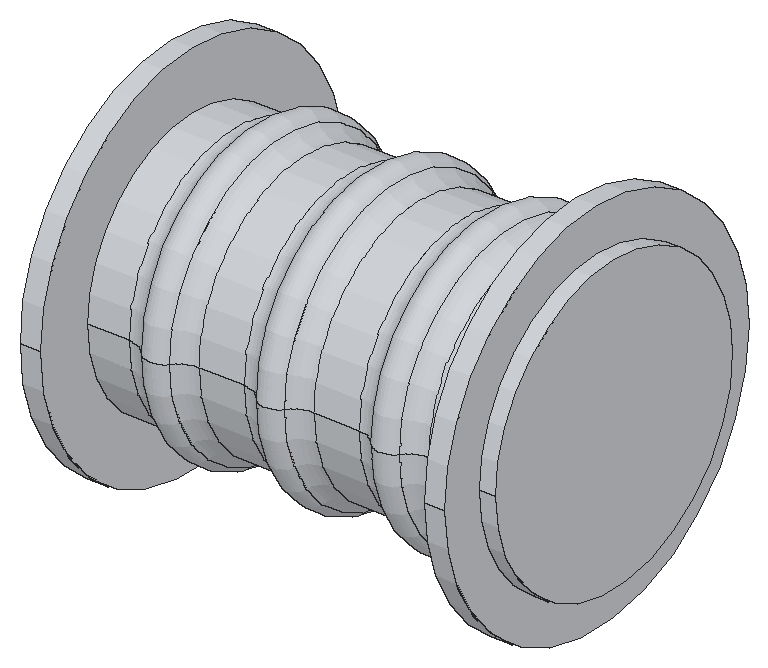
Revit family "ピュアジョイント 200A", category Pipe Accessories, Revit 2024
Family settings
  Round Connector Dimension = Use Diameter
  Part Type = Inline Sensor
  Work Plane-Based = No
  Always vertical = Yes
  Cut with Voids When Loaded = No
  Shared = No
Parameters
  Default Elevation = 0 mm
  DN = 200 mm
Reference planes
  plane 1 "Center (Front/Back)": y = 0
  plane 2: z = 0
  plane 3 "Center (Left/Right)": x = 0
Forms (mm)
  Extrusion 1, solid
    sketch origin (0, 0, 0) x (0, 1, 0) y (0, 0, 1)
      loop
        circle (0, 0) r 128.5
    from 185 to 200
  Extrusion 2, solid
    sketch origin (0, 0, 0) x (0, 1, 0) y (0, 0, 1)
      loop
        circle (0, 0) r 128.5
    from -200 to -185
  Extrusion 3, solid
    sketch origin (0, 0, 0) x (0, 1, 0) y (0, 0, 1)
      loop
        circle (0, 0) r 165
    from -185 to -167
  Extrusion 4, solid
    sketch origin (0, 0, 0) x (0, 1, 0) y (0, 0, 1)
      loop
        circle (0, 0) r 165
    from 167 to 185
  Revolve 5, solid
    sketch origin (0, 0, 0) x (1, 0, 0) y (0, 1, 0)
      loop
        line (-130.469, 114.998) -> (-167, 114.998) -> (-167, 0) -> (167, 0) -> (167, 114.998) -> (130.469, 114.998)
        arc (130.469, 114.998) -> (120.351, 117.354) -> (112.315, 123.937) r 22.906
        arc (112.315, 123.937) -> (100, 130) -> (87.686, 123.937) r 15.537
        arc (87.686, 123.937) -> (79.649, 117.354) -> (69.531, 114.998) r 22.906
        line (69.531, 114.998) -> (30.469, 114.998)
        arc (30.469, 114.998) -> (20.351, 117.354) -> (12.315, 123.937) r 22.906
        arc (12.315, 123.937) -> (0, 130) -> (-12.314, 123.937) r 15.537
        arc (-12.314, 123.937) -> (-20.351, 117.354) -> (-30.469, 114.998) r 22.906
        line (-30.469, 114.998) -> (-69.531, 114.998)
        arc (-69.531, 114.998) -> (-79.649, 117.354) -> (-87.685, 123.937) r 22.906
        arc (-87.685, 123.937) -> (-100, 130) -> (-112.315, 123.937) r 15.537
        arc (-112.315, 123.937) -> (-120.351, 117.354) -> (-130.469, 114.998) r 22.906
      axis (167, 0) -> (-167, 0)
    angle from 0 to 360
Dimensions and locks
  aligned and locked: level to plane 2
Connectors
  piping at (-200, 0, 0), diameter 200, driven by "DN"
    settings: on Extrusion 2, index 1, connector inside diameter 609.6 mm, connector length 0 mm, flow factor 0, pipe flow 0.0 L/s, pressure drop 0.0 Pa, fitting loss kfactor 0, connector angle 0.00°, fixture units 0, engagement length 0 mm, angle of deflection 0.00°, flow configuration 0, flow direction 0, fitting loss method 0, system type 7, joint type 0, gender type 0, connector reference index -1, connector utility 0, adjustable connector no, is connector primary yes, connector description ""
  piping at (200, 0, 0), diameter 200, driven by "DN"
    settings: on Extrusion 1, index 2, connector inside diameter 609.6 mm, connector length 0 mm, flow factor 0, pipe flow 0.0 L/s, pressure drop 0.0 Pa, fitting loss kfactor 0, connector angle 0.00°, fixture units 0, engagement length 0 mm, angle of deflection 0.00°, flow configuration 0, flow direction 0, fitting loss method 0, system type 7, joint type 0, gender type 0, connector reference index -1, connector utility 0, adjustable connector no, is connector primary no, connector description ""
